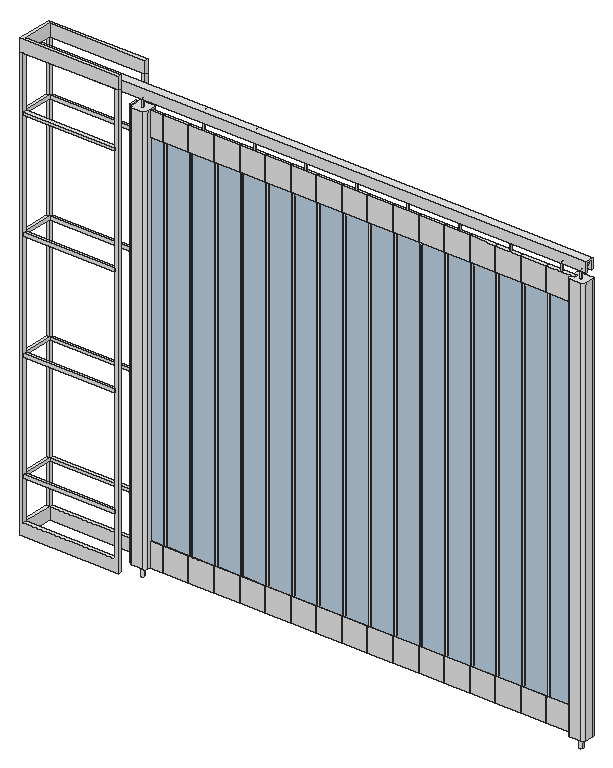
Revit family "Side_Folding_Door_9200-CHI-EZ_Prestige", category Specialty Equipment, Revit 2023
Family settings
  Round Connector Dimension = Use Diameter
  Part Type = Normal
  OmniClass Number = 23.30.10.21
  OmniClass Title = Special Function Doors
  Work Plane-Based = No
  Enable Cutting in Views = No
  Always vertical = Yes
  Cut with Voids When Loaded = No
  Maintain Annotation Orientation = No
  Shared = No
  Room Calculation Point = No
Parameters (values of type "EZ - Prestige")
  Warranty URL = ""
  Version = "2021-v1.a"  # constant formula
  URL = "https://www.chiohd.com/"
  Support Phone = "(224) 699-9545"  # constant formula
  Support Email = "mailito:support@bimsmith.com"
  Product Page URL = "Contact Manufacturer for More Information"
  Product Documentation Link = "Contact Manufacturer for More Information"
  Pocket Length Disclaimer [instance] = "Contact Manufacturer for Pocket Dimensions"  # constant formula
  Pocket Frame Vis [instance] = yes
  Opening Width [instance] = if(C Condition A, C First Panel Width + 0' 3" + C Panel Width / 2, if(C Condition B, C Section Width + C Post Width + 0' 3" + C Panel Width / 2, if(C Condition C, 0' 3" + C Panel Width / 2 + C Section Width + C Post Width + C End Panel Width, if(C Condition D, C Section Width * 2 + C Post Width * 2 + 0' 3" + C Panel Width / 2, if(C Condition E, 0' 3" + C Panel Width / 2 + C Section Width * C Real Post Count + C Post Width * C Real Post Count + C End Panel Width, 4' 0")))))  # 6' - 3 7/8"
  C Single Section [instance] = or(C Condition A, C Condition B, C Condition C)  # yes
  C Single Post [instance] = or(C Condition B, C Condition C)  # yes
  C Section Width [instance] = if(Floor, rounddown(10' 0" / C Panel Width) * C Panel Width, rounddown(6' 0" / C Panel Width) * C Panel Width)  # 5' - 8"
  C Real Section Width [instance] = C Prelim Opening Width - 0' 3" - C Panel Width / 2  # 5' - 9 7/8"
  C Real Post Count [instance] = if(C Post Count < 2, 2, C Post Count)  # 2
  C Prelim Opening Width [instance] = if(Desired Opening Width < C Min Width, C Min Width, if(Desired Opening Width > C Max Width, C Max Width, Desired Opening Width))  # 6' - 3"
  Opening Speed [instance] = ""
  Model = "EZ - Prestige"  # constant formula
  Manufacturer Phone Number = "800-738-5006"  # constant formula
  Manufacturer Fax Number = "800-677-2650"  # constant formula
  Manufacturer Email = "mailto:aia@chiohd.com"
  Manufacturer Address = "1485 Sunrise Drive, Arthur, IL 61911"  # constant formula
  Manufacturer = "C.H.I. Overhead Doors"  # constant formula
  Keynote = "08330"
  Glass = Glass - C.H.I Overhead Doors - Frosted
  Frame = Metal - Powder Coat - C.H.I Overhead Doors - White
  Floor = not(Counter)  # no
  Door Size Limits [instance] = "Min Size 6' x 6' │ Max Size 10' x 10'"  # constant formula
  Desired Opening Width [instance] = 6' - 3"
  Desired Opening Height [instance] = 6' - 0"
  Description = "Side-Folding Grille"  # constant formula
  Default Elevation = 0' - 0"
  Counter = yes
  Copyright = "©2024 C.H.I. Overhead Doors - a NUCOR® company All information presented is based on the specifications and features available at the time of printing and is subject to change without notice."  # constant formula
  Closing Speed [instance] = ""
  Opening Height [instance] = if(Desired Opening Height < C Min Height, C Min Height, if(Desired Opening Height > C Max Height, C Max Height, Desired Opening Height))  # 6' - 0"
  Constraints = 1
  C Track Width = 0' - 1 3/8"  # constant formula
  C Track Thickness = 0' - 0 1/8"  # constant formula
  C Track Height = 0' - 1 5/8"  # constant formula
  C Track Extension [instance] = if(Pocket Frame Vis, C Pocket Length - 0' 0 1/2", 0' 0")  # 1' - 3 7/8"
  C Top Gap = 0' - 1 1/2"  # constant formula
  C Post Width [instance] = 0' - 2 3/4"  # constant formula
  C Post Count [instance] = rounddown(C Real Section Width / (C Section Width + C Post Width))  # 0
  C Pocket Width = 0' - 5"  # constant formula
  C Pocket Length Preview [instance] = 0' 3" + 0.1 * Opening Width  # 0' - 10.5875"
  C Pocket Length [instance] = 0' 4 5/8" + (if(C Pocket Length Preview < 0' 11 3/4", 0' 11 3/4", if(C Pocket Length Preview < 1' 4 1/4", 1' 4 1/4", if(C Pocket Length Preview < 1' 8 3/4", 1' 8 3/4", if(C Pocket Length Preview < 2' 1 3/4", 2' 1 3/4", if(C Pocket Length Preview < 2' 7 3/4", 2' 7 3/4", if(C Pocket Length Preview < 3' 0 3/4", 3' 0 3/4", if(C Pocket Length Preview < 3' 3 3/4", 3' 3 3/4", if(C Pocket Length Preview < 3' 6 3/4", 3' 6 3/4", if(C Pocket Length Preview < 4' 0 3/4", 4' 0 3/4", if(C Pocket Length Preview < 4' 3 3/4", 4' 3 3/4", if(C Pocket Length Preview < 4' 6 3/4", 4' 6 3/4", if(C Pocket Length Preview < 4' 10 3/4", 4' 10 3/4", if(C Pocket Length Preview < 5' 0 3/4", 5' 0 3/4", if(C Pocket Length Preview < 5' 4 3/4", 5' 4 3/4", if(C Pocket Length Preview < 5' 8 3/4", 5' 8 3/4", if(C Pocket Length Preview < 6' 0 3/4", 6' 0 3/4", 0' 11 3/4")))))))))))))))))  # 1' - 4 3/8"
  C Panel Width = 0' - 4 1/4"  # constant formula
  C Panel Height [instance] = Opening Height - C Bottom Offset - C Track Height - C Top Gap  # 5' - 8 1/8"
  C Multiple Section [instance] = or(C Condition D, C Condition E)  # no
  C Multiple Post [instance] = or(C Condition D, C Condition E)  # no
  C Min Width = C Panel Width * 3 + 0' 3" + C Panel Width / 2  # 1' - 5 7/8"
  C Min Height = 4' - 0"  # constant formula
  C Max Width = 25' - 0"  # constant formula
  C Max Height = 14' - 0"  # constant formula
  C Half Panel [instance] = C Panel Width / 2  # 0' - 2 1/8"
  C First Panel Width [instance] = if(C Condition A, rounddown((C Prelim Opening Width - 0' 3" - C Panel Width / 2) / C Panel Width) * C Panel Width, rounddown((C Section Width) / C Panel Width) * C Panel Width)  # 5' - 8"
  C End Panel Width Real [instance] = if(C End Panel Width < 0' 0", 0' 0", C End Panel Width)  # 0' - 0"
  C End Panel Width [instance] = if(rounddown((C Real Section Width - C Section Width - C Post Width) / C Panel Width) * C Panel Width = 0' 0", C Panel Width, if(C Multiple Section, rounddown((C Real Section Width - C Section Width * C Real Post Count - C Post Width * C Real Post Count) / C Panel Width) * C Panel Width, rounddown((C Real Section Width - C Section Width - C Post Width) / C Panel Width) * C Panel Width))  # -0' - 4 1/4"
  C End Panel [instance] = or(C Condition C, C Condition E)  # no
  C Condition E [instance] = or(C Real Section Width = C Section Width * 2 + C Post Width * 2 + C Panel Width, C Real Section Width > C Section Width * 2 + C Post Width * 2 + C Panel Width)  # no
  C Condition D [instance] = or(C Real Section Width = C Section Width * 2 + C Post Width * 2, and(C Real Section Width > C Section Width * 2 + C Post Width * 2, C Real Section Width < C Section Width * 2 + C Post Width * 2 + C Panel Width))  # no
  C Condition C [instance] = or(C Real Section Width = C Section Width * 2 + C Post Width, and(C Real Section Width > C Section Width + C Post Width, C Real Section Width < C Section Width * 2 + C Post Width))  # no
  C Condition B [instance] = or(C Real Section Width = C Section Width + C Post Width, and(C Real Section Width > C Section Width, C Real Section Width < C Section Width + C Post Width))  # yes
  C Condition A [instance] = or(C Real Section Width = C Section Width, C Real Section Width < C Section Width)  # no
  C Bottom Offset = if(Floor, 0' 1 1/4", 0' 0 3/4")  # 0' - 0 3/4"
  Assembly Code = "B2030420"
Reference planes (in)
  plane 1 "Center (Front/Back)": y = 0
  plane 2: z = 0
  plane 3 "Center (Left/Right)": x = 0
  plane 4: z = 72
  plane 5: x = 75.875
  plane 6: z = 0.75
  plane 7: z = 70.375
  plane 8: z = 68.875
  plane 9: x = 5.125
  plane 10: x = -15.875
  plane 11: x = 73.125
  plane 12: x = 75.875
  plane 13: x = 143.875
  plane 14: x = 3
Forms (in)
  Sweep 1, solid, material "Metal - Powder Coat - C.H.I Overhead Doors - White" <- "Frame"
    path origin (0, 0, 0) x (1, 0, 0) y (0, 0, 1)
      loop
        line (-15.875, 72) -> (75.875, 72)
    profile origin (30, 0, 72) x (0, 0, 1) y (0, -1, 0)
      loop
        line (0, -0.6875) -> (0, 0.6875) -> (-1.625, 0.6875) -> (-1.625, 0.5625) -> (-0.125, 0.5625) -> (-0.125, -0.5625) -> (-1.625, -0.5625) -> (-1.625, -0.6875) -> (0, -0.6875)
Dimensions and locks (in)
  "Opening Width": plane 3 "Center (Left/Right)" to plane 5
  "Opening Height": plane 4 to level
  "C Bottom Offset": plane 6 to level
  "C Track Height": plane 4 to plane 7
  "C Top Gap": plane 7 to plane 8
  equal spacing: Sweep 1 sketch curve, profile plane, Sweep 1 sketch curve
  "C Track Width": Sweep 1 sketch curve to Sweep 1 sketch curve
  "C Track Thickness": Sweep 1 sketch curve to profile plane
  "C Track Thickness": Sweep 1 sketch curve to Sweep 1 sketch curve  (x2)
  "C Track Extension": plane 10 to plane 3 "Center (Left/Right)"
  "C First Panel Width": plane 11 to plane 9
  "C Post Width": plane 12 to plane 11
  group 1 to group 2 = 5' - 10 3/4"
  group 1 to group 2 = 0' - 0"  (x2)
  "C Section Width": plane 13 to plane 12
  group 3 to group 4 = 5' - 10 3/4"
  group 3 to group 4 = 0' - 0"  (x2)
  locked: plane 14 to plane 3 "Center (Left/Right)" at 3
  "C Half Panel": plane 9 to plane 14
  aligned and locked: plane 2 to level
  aligned and locked: Sweep 1 sketch curve to profile plane
  aligned and locked: Sweep 1 sketch curve to plane 7
  aligned and locked: nested 1 to plane 6
  aligned and locked: plane 1 "Center (Front/Back)" to nested 1
  aligned and locked: plane 3 "Center (Left/Right)" to nested 1
  aligned and locked: plane 5 to Sweep 1 sketch curve
  aligned and locked: plane 3 "Center (Left/Right)" to nested 2
  aligned and locked: plane 10 to Sweep 1 sketch curve
  aligned and locked: plane 8 to nested 3
  aligned and locked: plane 9 to nested 3
  aligned and locked: plane 1 "Center (Front/Back)" to nested 3
  aligned and locked: plane 1 "Center (Front/Back)" to nested 4
  aligned and locked: plane 11 to nested 4
  aligned and locked: nested 4 to plane 8
  aligned and locked: nested 5 to plane 8
  aligned and locked: plane 9 to nested 6
  aligned and locked: plane 12 to nested 7
  aligned and locked: plane 11 to nested 8
  aligned and locked: plane 13 to nested 9
  aligned and locked: plane 5 to nested 5
Automatic sketch dimensions
  Sweep 1 sketch curve to plane 4 = 0' - 0"
  Sweep 1 sketch curve to Sweep 1 sketch curve = 0' - 0"
Nested families (in)
  nested 1: "Nested - End Panel" at (0, 0, 0.75), type "Default"
    with Supports Count 4, Panel Height 5' - 8 1/8", Horizontal Frame Offset 0' - 11 9/16", Extra Panel Width 0' - 2 3/8"
  nested 2: "Nested - Pocket" at (-16.375, 0, 0), visible <- "Pocket Frame Vis", type "Default"
    with T&B Offset 0' - 9", Pocket Length 1' - 4 3/8", Overall Height 6' - 0"
  nested 3: "Nested - Section" at (5.125, 0, 0.75), Desired Complete Section <- "C First Panel Width", visible <- "C Single Section", type "Default"
    with Single Panel B End Rod no, Single D Panel no, Single C Panel no, Single B Panel no, Single A Panel End Rod no, Single A Panel no, Multiple Panel Last Section yes, Multiple B Panel yes, Multiple A Panel yes, First to Last Panel 5' - 3 3/4", End Panel Supports yes, End Panel Bottom no, Desired Complete Section 5' - 8", Complete Section 5' - 8", B Array Real 7, B Array 8, A Array Real 8, A Array 8
  nested 4: "Nested - Post" at (72.875, 0, 0.75), visible <- "C Single Post", type "Default"
  nested 5: "Nested - Section" at (75.875, 0, 0.75), visible <- "C End Panel", Desired Complete Section <- "C End Panel Width", type "Default"
    with Single Panel B End Rod no, Single D Panel no, Single C Panel no, Single B Panel no, Single A Panel End Rod yes, Single A Panel yes, Multiple Panel Last Section no, Multiple B Panel no, Multiple A Panel no, First to Last Panel 1' - 5", End Panel Supports no, End Panel Bottom yes, Desired Complete Section -0' - 4 1/4", Complete Section 0' - 0", B Array Real 2, B Array 2, A Array Real 2, A Array 2
  nested 6: "Nested - Section" at (5.125, 0, 0.75), Desired Complete Section <- "C Section Width", visible <- "C Multiple Section", type "Default"
    with Single Panel B End Rod no, Single D Panel no, Single C Panel no, Single B Panel no, Single A Panel End Rod no, Single A Panel no, Multiple Panel Last Section yes, Multiple B Panel yes, Multiple A Panel yes, First to Last Panel 5' - 3 3/4", End Panel Supports yes, End Panel Bottom no, Desired Complete Section 5' - 8", Complete Section 5' - 8", B Array Real 7, B Array 8, A Array Real 8, A Array 8
  nested 7: "Nested - Section" at (75.875, 0, 0.75), Desired Complete Section <- "C Section Width", visible <- "C Multiple Section", type "Default"
    with Single Panel B End Rod no, Single D Panel no, Single C Panel no, Single B Panel no, Single A Panel End Rod no, Single A Panel no, Multiple Panel Last Section yes, Multiple B Panel yes, Multiple A Panel yes, First to Last Panel 5' - 3 3/4", End Panel Supports yes, End Panel Bottom no, Desired Complete Section 5' - 8", Complete Section 5' - 8", B Array Real 7, B Array 8, A Array Real 8, A Array 8
  nested 8: "Nested - Post" at (72.875, 0, 0.75), visible <- "C Multiple Post", type "Default"
  nested 9: "Nested - Post" at (143.625, 0, 0.75), visible <- "C Multiple Post", type "Default"
Definition of nested family "Nested - End Panel"
  Parameters (values of type "Family1")
    Top Gap = 0' - 1 1/2"
    Supports Separation = 1' - 3"  # constant formula
    Supports Count = (Panel Height - 0' 4") / Supports Separation  # 3
    Side Frame Thickness = 0' - 0 1/2"  # constant formula
    Panel Frame Height = 0' - 4"  # constant formula
    Main Frame Thickness = 0' - 2 5/16"  # constant formula
    Panel Width = 0' - 7"  # constant formula
    Panel Height = 4' - 8 1/8"
    Horizontal Frame Offset = (Panel Height - (Supports Separation * (Supports Count - 1))) / 2  # 1' - 1 1/16"
    Glass Thickness = 0' - 0 1/4"  # constant formula
    Glass = none
    Frame = none
    Floor = not(Counter)  # no
    Extra Panel Width = 0' - 2 1/8"
    Default Elevation = 0' - 0"
    Counter = yes
    Bottom Support Width = if(Floor, 0' 0 3/4", 0' 0 5/8")  # 0' - 0 5/8"
    Bottom Support Height = if(Floor, 0' 2 5/8", 0' 1")  # 0' - 1"
    Bottom Gap = 0' - 0 3/4"
  Reference planes (in)
    plane 1 "Center (Front/Back)": y = 0
    plane 2: z = 0
    plane 3 "Center (Left/Right)": x = 0
    plane 4: z = 56.125
    plane 5: x = 0.25
    plane 6: y = 1.15625
    plane 7: y = -1.15625
    plane 8: x = 3
    plane 9: x = 5.125
    plane 10: x = 4.625
    plane 11: z = 13.0625
    plane 12: y = 0.25
    plane 13: y = -0.25
    plane 14: y = 0.125
    plane 15: y = -0.125
    plane 16: z = 57.625
    plane 17: z = -0.75
    plane 18: z = -1.75
    plane 19: z = 59.125
    plane 20: z = 58.375
    plane 21: x = 1.625
    plane 22: x = 1.3125
    plane 23: x = 1.9375
    plane 24: z = 4
    plane 25: z = 52.125
    plane 26: z = 28.0625
    plane 27: x = 4.875
  Forms (in)
    Extrusion 1, solid, material <- "Frame"
      sketch origin (0, 0, 0) x (1, 0, 0) y (0, 1, 0)
        loop
          line (0.25, 0.67704) -> (0, 0.67704) -> (0, -0.67704) -> (0.25, -0.67704) -> (0.25, 0.67704)
      from 0 to 56.125
    Extrusion 2, solid, material <- "Frame"
      sketch origin (0, 0, 0) x (1, 0, 0) y (0, 1, 0)
        loop
          arc (0.73462, 1.15625) -> (0.39194, 1.01431) -> (0.25, 0.67163) r 0.48462
          line (0.25, 0.67163) -> (0.25, -0.67188)
          arc (0.25, -0.67188) -> (0.39187, -1.01438) -> (0.73438, -1.15625) r 0.48438
          line (0.73438, -1.15625) -> (2.51563, -1.15625)
          arc (2.51563, -1.15625) -> (2.85813, -1.01438) -> (3, -0.67188) r 0.48438
          line (3, -0.67188) -> (3, 0.67187)
          arc (3, 0.67187) -> (2.85813, 1.01438) -> (2.51563, 1.15625) r 0.48438
          line (2.51563, 1.15625) -> (0.73462, 1.15625)
      from 0 to 56.125
    Revolve 3, solid, material <- "Frame"
      sketch origin (-1.875, 0, 0) x (1, 0, 0) y (0, 0, 1)
        loop
          line (3.5, 59.12277) -> (3.5, 56.125) -> (3.625, 56.125) -> (3.625, 59.12277) -> (3.5, 59.12277)
        axis (3.5, 59.12277) -> (3.5, 56.125)
      angle from 0 to 360
    Extrusion 4, solid, material <- "Frame"
      sketch origin (-1.875, 0, 0) x (1, 0, 0) y (0, 0, 1)
        loop
          circle (3.5, 58.375) r 0.75
      from 0.5625 to 0.25
    Extrusion 5, solid, material <- "Frame"
      sketch origin (-1.875, 0, 0) x (1, 0, 0) y (0, 0, -1)
        loop
          circle (3.5, -58.375) r 0.75
      from 0.5625 to 0.25
    Extrusion 6, solid, material <- "Frame"
      sketch origin (-1.875, 0, 0) x (1, 0, 0) y (0, 0, 1)
        loop
          circle (3.5, 58.375) r 0.44182
      from -0.25 to 0.25
    Revolve 7, solid, material <- "Frame"
      sketch origin (-1.875, 0, 0) x (1, 0, 0) y (0, 0, 1)
        loop
          line (3.5, 0) -> (3.5, -1.75) -> (3.8125, -1.75) -> (3.8125, -0.75) -> (3.65321, -0.75) -> (3.65321, 0) -> (3.5, 0)
        axis (3.5, 0) -> (3.5, -1.75)
      angle from 0 to 360
    Extrusion 8, solid, material <- "Frame"
      sketch origin (0, 0, 0) x (0, 1, 0) y (0, 0, 1)
        loop
          line (0.25, 56.125) -> (-0.25, 56.125) -> (-0.25, 52.125) -> (0.25, 52.125) -> (0.25, 56.125)
        loop
          line (-0.25, 0) -> (0.25, 0) -> (0.25, 4) -> (-0.25, 4) -> (-0.25, 0)
      from 3 to 4.875
    Extrusion 9, solid, material <- "Glass"
      sketch origin (0, 0, 0) x (1, 0, 0) y (0, 1, 0)
        loop
          arc (4.96988, -0.125) -> (4.92578, 0) -> (4.96988, 0.125) r 0.19922
          line (4.96988, 0.125) -> (3, 0.125) -> (3, -0.125) -> (4.96988, -0.125)
      from 4 to 52.125
  Dimensions and locks (in)
    "Panel Height": plane 4 to level
    equal spacing: plane 6, plane 1 "Center (Front/Back)", plane 7
    "Main Frame Thickness": plane 6 to plane 7
    "Extra Panel Width": plane 8 to plane 9
    "Side Frame Thickness": plane 10 to plane 9
    "Horizontal Frame Offset": plane 11 to level
    equal spacing: plane 12, plane 1 "Center (Front/Back)", plane 13
    "Side Frame Thickness": plane 13 to plane 12
    equal spacing: plane 15, plane 1 "Center (Front/Back)", plane 14
    "Glass Thickness": plane 15 to plane 14
    "Bottom Gap": level to plane 17
    "Top Gap": plane 16 to plane 4
    "Bottom Support Height": plane 17 to plane 18
    locked: plane 19 to plane 16 at 1.5
    equal spacing: plane 19, plane 20, plane 16
    equal spacing: plane 8, plane 21, plane 5
    plane 23 to plane 22 = 0' - 0 5/8"  (x2)
    "Bottom Support Width": plane 23 to plane 22
    equal spacing: plane 23, plane 21, plane 22
    "Panel Frame Height": plane 24 to level
    "Panel Frame Height": plane 4 to plane 25
    "Supports Separation": plane 26 to plane 11
    equal spacing: plane 9, plane 27, plane 10
    aligned and locked: plane 2 to level
    aligned and locked: Extrusion 2 sketch curve to plane 6
    aligned and locked: plane 5 to Extrusion 2 sketch curve
    aligned and locked: plane 7 to Extrusion 2 sketch curve
    aligned and locked: Extrusion 2 sketch curve to plane 8
    aligned and locked: plane 4 to Extrusion 2
    aligned and locked: Extrusion 2 to level
    aligned and locked: plane 4 to Extrusion 1
    aligned and locked: Revolve 3 sketch curve to plane 21
    aligned and locked: plane 20 to Extrusion 6 sketch curve
    aligned and locked: plane 21 to Extrusion 6 sketch curve
    aligned and locked: plane 20 to Extrusion 4 sketch curve
    aligned and locked: plane 21 to Extrusion 4 sketch curve
    aligned and locked: plane 20 to Extrusion 5 sketch curve
    aligned and locked: plane 21 to Extrusion 5 sketch curve
    aligned and locked: plane 23 to Revolve 7 sketch curve
    aligned and locked: Revolve 7 sketch curve to plane 21
    aligned and locked: plane 2 to Revolve 7 sketch curve
    aligned and locked: plane 18 to Revolve 7 sketch curve
    aligned and locked: Revolve 7 sketch curve to plane 17
    aligned and locked: plane 4 to Extrusion 8 sketch curve
    aligned and locked: Extrusion 8 sketch curve to plane 12  (x2)
    aligned and locked: Extrusion 8 sketch curve to plane 25
    aligned and locked: Extrusion 8 sketch curve to plane 13  (x2)
    aligned and locked: Extrusion 8 sketch curve to level
    aligned and locked: Extrusion 8 sketch curve to plane 24
    aligned and locked: Extrusion 8 to plane 8
    aligned and locked: plane 27 to Extrusion 8
    aligned and locked: Extrusion 9 sketch curve to plane 15
    aligned and locked: Extrusion 9 sketch curve to plane 14
    aligned and locked: Extrusion 9 sketch curve to plane 8
    aligned and locked: plane 9 to Extrusion 9 sketch curve
    aligned and locked: plane 24 to Extrusion 9
    aligned and locked: plane 25 to Extrusion 9
  Automatic sketch dimensions
    Extrusion 1 sketch curve to plane 3 "Center (Left/Right)" = 0' - 0"
    Extrusion 1 sketch curve to plane 5 = 0' - 0"
    Extrusion 1 sketch curve to plane 6 = 0' - 0.47921"
    plane 7 to Extrusion 1 sketch curve = 0' - 0.47921"
    plane 5 to Extrusion 2 sketch curve = 0' - 0 31/64"
    Extrusion 2 sketch curve to Extrusion 2 sketch curve = 0' - 0.48462"
    Extrusion 2 sketch curve to plane 8 = 0' - 0 31/64"  (x2)
    Revolve 3 sketch curve to plane 21 = 0' - 0"
    Revolve 3 sketch curve to plane 4 = 0' - 0"
    plane 19 to Revolve 3 sketch curve = 0' - 0.00223"
    plane 21 to Revolve 3 sketch curve = 0' - 0 1/8"
    Revolve 3 sketch curve to plane 4 = 0' - 1.33257"
    Revolve 3 sketch curve to plane 19 = 0' - 0.11711"
    plane 1 "Center (Front/Back)" to Extrusion 9 sketch curve = 0' - 0"
    plane 27 to Extrusion 9 sketch curve = 0' - 0.09488"
    Revolve 7 sketch curve to plane 21 = 0' - 0"
    plane 21 to Revolve 7 sketch curve = 0' - 0.15321"
    Revolve 7 sketch curve to plane 18 = 0' - 3.32416"
    level to Revolve 7 sketch curve = 0' - 0.85112"
    radius of Extrusion 4 sketch curve = 0' - 0 3/4"
    radius of Extrusion 5 sketch curve = 0' - 0 3/4"
    radius of Extrusion 6 sketch curve = 0' - 0.44182"
Definition of nested family "Nested - Pocket"
  Parameters (values of type "Family2")
    T&B Offset = (Overall Height / 4) / 2  # 0' - 7 1/2"
    Side Thickness = 0' - 4"  # constant formula
    Pocket Width = 0' - 5"
    Pocket Length = 0' - 11 3/4"
    Plywood Thickness = 0' - 0 1/2"  # constant formula
    Plywood = none
    Overall Height = 5' - 0"
    Mid Profile Thickness = 0' - 0 1/4"  # constant formula
    Gypsum Thickness = 0' - 0 5/8"  # constant formula
    Gypsum = none
    Default Elevation = 0' - 0"
    Bottom Profile Height = 0' - 2"  # constant formula
  Reference planes (in)
    plane 1 "Center (Front/Back)": y = 0
    plane 2: z = 0
    plane 3 "Center (Left/Right)": x = 0
    plane 4: y = -2.5
    plane 5: y = 2.5
    plane 6: y = 3
    plane 7: y = -3
    plane 8: x = 0.5
    plane 9: x = 11.75
    plane 10: x = 11.125
    plane 11: z = 60
    plane 12: z = 7.5
    plane 13: z = 52.5
    plane 14: z = 22.5
    plane 15: z = 37.5
    plane 16: z = 52.25
    plane 17: z = 52.75
    plane 18: z = 37.75
    plane 19: z = 37.25
    plane 20: z = 22.75
    plane 21: z = 22.25
    plane 22: z = 7.75
    plane 23: z = 7.25
    plane 24: z = 2
    plane 25: z = 62
  Forms (in)
    Extrusion 1, solid, material <- "Plywood"
      sketch origin (0, 0, 0) x (1, 0, 0) y (0, 1, 0)
        loop
          line (0.5, 2.5) -> (0.5, 3) -> (0, 3) -> (0, 2.5) -> (0.5, 2.5)
        loop
          line (0.5, -3) -> (0.5, -2.5) -> (0, -2.5) -> (0, -3) -> (0.5, -3)
        loop
          line (11.75, 3) -> (11.125, 3) -> (11.125, 2.5) -> (11.75, 2.5) -> (11.75, 3)
        loop
          line (11.75, -3) -> (11.75, -2.5) -> (11.125, -2.5) -> (11.125, -3) -> (11.75, -3)
      from 0 to 60
    Extrusion 2, solid, material <- "Plywood"
      sketch origin (0, 0, 0) x (1, 0, 0) y (0, 0, 1)
        loop
          line (0.5, 7.75) -> (0, 7.75) -> (0, 7.25) -> (0.5, 7.25) -> (0.5, 7.75)
        loop
          line (0.5, 22.25) -> (0.5, 22.75) -> (0, 22.75) -> (0, 22.25) -> (0.5, 22.25)
        loop
          line (0.5, 37.25) -> (0.5, 37.75) -> (0, 37.75) -> (0, 37.25) -> (0.5, 37.25)
        loop
          line (0.5, 52.25) -> (0.5, 52.75) -> (0, 52.75) -> (0, 52.25) -> (0.5, 52.25)
      from -2.5 to 2.5
    Extrusion 3, solid, material <- "Plywood"
      sketch origin (0, 0, 0) x (0, 1, 0) y (0, 0, 1)
        loop
          line (2.5, 52.75) -> (2.5, 52.25) -> (3, 52.25) -> (3, 52.75) -> (2.5, 52.75)
        loop
          line (-3, 52.25) -> (-2.5, 52.25) -> (-2.5, 52.75) -> (-3, 52.75) -> (-3, 52.25)
        loop
          line (2.5, 37.25) -> (3, 37.25) -> (3, 37.75) -> (2.5, 37.75) -> (2.5, 37.25)
        loop
          line (-3, 37.25) -> (-2.5, 37.25) -> (-2.5, 37.75) -> (-3, 37.75) -> (-3, 37.25)
        loop
          line (-3, 22.25) -> (-2.5, 22.25) -> (-2.5, 22.75) -> (-3, 22.75) -> (-3, 22.25)
        loop
          line (2.5, 22.25) -> (3, 22.25) -> (3, 22.75) -> (2.5, 22.75) -> (2.5, 22.25)
        loop
          line (-3, 7.25) -> (-2.5, 7.25) -> (-2.5, 7.75) -> (-3, 7.75) -> (-3, 7.25)
        loop
          line (2.5, 7.25) -> (3, 7.25) -> (3, 7.75) -> (2.5, 7.75) -> (2.5, 7.25)
      from 0.5 to 11.125
    Extrusion 4, solid, material <- "Plywood"
      sketch origin (0, 0, 0) x (1, 0, 0) y (0, 1, 0)
        loop
          line (0, 3) -> (0, -3) -> (11.75, -3) -> (11.75, -2.5) -> (0.5, -2.5) -> (0.5, 2.5) -> (11.75, 2.5) -> (11.75, 3) -> (0, 3)
      from 0 to 2
    Extrusion 5, solid, material <- "Plywood"
      sketch origin (0, 0, 0) x (1, 0, 0) y (0, 1, 0)
        loop
          line (0, 3) -> (0, -3) -> (11.75, -3) -> (11.75, -2.5) -> (0.5, -2.5) -> (0.5, 2.5) -> (11.75, 2.5) -> (11.75, 3) -> (0, 3)
      from 60 to 62
  Cuts and joins
    joined: Extrusion 1, Extrusion 4
  Dimensions and locks (in)
    equal spacing: plane 5, plane 1 "Center (Front/Back)", plane 4
    "Pocket Width": plane 5 to plane 4
    "Plywood Thickness": plane 6 to plane 5
    "Plywood Thickness": plane 4 to plane 7
    "Pocket Length": plane 3 "Center (Left/Right)" to plane 9
    "Gypsum Thickness": plane 10 to plane 9
    "Overall Height": plane 11 to plane 2
    "Plywood Thickness": plane 3 "Center (Left/Right)" to plane 8
    "T&B Offset": plane 12 to level
    "T&B Offset": plane 11 to plane 13
    equal spacing: plane 13, plane 15, plane 14, plane 12
    "Mid Profile Thickness": plane 17 to plane 13
    "Mid Profile Thickness": plane 13 to plane 16
    "Mid Profile Thickness": plane 18 to plane 15
    "Mid Profile Thickness": plane 15 to plane 19
    "Mid Profile Thickness": plane 20 to plane 14
    "Mid Profile Thickness": plane 14 to plane 21
    "Mid Profile Thickness": plane 22 to plane 12
    "Mid Profile Thickness": plane 12 to plane 23
    "Bottom Profile Height": plane 24 to level
    "Bottom Profile Height": plane 25 to plane 11
    plane 3 "Center (Left/Right)" to Extrusion 4 = 0' - 11 3/4"
    aligned and locked: plane 2 to level
    aligned and locked: plane 5 to Extrusion 1 sketch curve
    aligned and locked: Extrusion 1 sketch curve to plane 8  (x2)
    aligned and locked: Extrusion 1 sketch curve to plane 6
    aligned and locked: plane 3 "Center (Left/Right)" to Extrusion 1 sketch curve  (x2)
    aligned and locked: plane 7 to Extrusion 1 sketch curve  (x2)
    aligned and locked: Extrusion 1 sketch curve to plane 4  (x2)
    aligned and locked: plane 6 to Extrusion 1 sketch curve
    aligned and locked: plane 9 to Extrusion 1 sketch curve
    aligned and locked: Extrusion 1 sketch curve to plane 5
    aligned and locked: Extrusion 1 sketch curve to plane 10
    aligned and locked: Extrusion 1 sketch curve to plane 9
    aligned and locked: plane 10 to Extrusion 1 sketch curve
    aligned and locked: plane 22 to Extrusion 2 sketch curve
    aligned and locked: plane 8 to Extrusion 2 sketch curve
    aligned and locked: Extrusion 2 sketch curve to plane 23
    aligned and locked: Extrusion 2 sketch curve to plane 3 "Center (Left/Right)"
    aligned and locked: plane 21 to Extrusion 2 sketch curve
    aligned and locked: Extrusion 2 sketch curve to plane 8  (x3)
    aligned and locked: Extrusion 2 sketch curve to plane 20
    aligned and locked: plane 3 "Center (Left/Right)" to Extrusion 2 sketch curve  (x3)
    aligned and locked: plane 19 to Extrusion 2 sketch curve
    aligned and locked: Extrusion 2 sketch curve to plane 18
    aligned and locked: Extrusion 2 sketch curve to plane 16
    aligned and locked: Extrusion 2 sketch curve to plane 17
    aligned and locked: plane 5 to Extrusion 2
    aligned and locked: Extrusion 2 to plane 4
    aligned and locked: Extrusion 3 sketch curve to Extrusion 2  (x8)
    aligned and locked: Extrusion 2 to Extrusion 3 sketch curve  (x8)
    aligned and locked: Extrusion 3 sketch curve to plane 16
    aligned and locked: Extrusion 3 sketch curve to plane 6
    aligned and locked: plane 16 to Extrusion 3 sketch curve
    aligned and locked: Extrusion 3 sketch curve to plane 7  (x4)
    aligned and locked: plane 18 to Extrusion 3 sketch curve
    aligned and locked: plane 6 to Extrusion 3 sketch curve  (x3)
    aligned and locked: Extrusion 3 sketch curve to plane 19
    aligned and locked: Extrusion 3 sketch curve to plane 21
    aligned and locked: plane 20 to Extrusion 3 sketch curve
    aligned and locked: Extrusion 3 sketch curve to plane 23
    aligned and locked: plane 22 to Extrusion 3 sketch curve
    aligned and locked: Extrusion 3 to plane 8
    aligned and locked: plane 10 to Extrusion 3
    aligned and locked: plane 3 "Center (Left/Right)" to Extrusion 4 sketch curve
    aligned and locked: Extrusion 4 sketch curve to plane 8
    aligned and locked: plane 5 to Extrusion 4 sketch curve
    aligned and locked: Extrusion 4 sketch curve to plane 6
    aligned and locked: Extrusion 4 sketch curve to plane 4
    aligned and locked: plane 7 to Extrusion 4 sketch curve
    aligned and locked: Extrusion 4 sketch curve to plane 9  (x2)
    aligned and locked: Extrusion 4 to level
    aligned and locked: plane 24 to Extrusion 4
    aligned and locked: plane 25 to Extrusion 5
    aligned and locked: Extrusion 5 to Extrusion 1
    aligned and locked: Extrusion 5 to plane 11
  Automatic sketch dimensions
    Extrusion 2 sketch curve to plane 8 = 0' - 0"
    Extrusion 2 sketch curve to plane 3 "Center (Left/Right)" = 0' - 0"
    Extrusion 2 sketch curve to plane 17 = 0' - 0"
    Extrusion 5 sketch curve to plane 3 "Center (Left/Right)" = 0' - 0"
    Extrusion 5 sketch curve to plane 5 = 0' - 0"
    Extrusion 5 sketch curve to plane 8 = 0' - 0"
    Extrusion 5 sketch curve to plane 9 = 0' - 0"  (x2)
    Extrusion 5 sketch curve to plane 4 = 0' - 0"
    Extrusion 5 sketch curve to plane 7 = 0' - 0"
    Extrusion 5 sketch curve to plane 6 = 0' - 0"
Definition of nested family "Nested - Section"
  Parameters (values of type "Default")
    Top Gap = 0' - 1 1/2"
    Single Panel B End Rod [instance] = if(or(and(Complete Section > 2 * Panel Width, Complete Section < 3 * Panel Width), Complete Section = 2 * Panel Width), 1 = 1, 1 = 0)  # no
    Single D Panel [instance] = and(Complete Section > 3 * Panel Width, Complete Section < 5 * Panel Width)  # no
    Single C Panel [instance] = and(Complete Section > 2 * Panel Width, Complete Section < 4 * Panel Width)  # no
    Single B Panel [instance] = or(Complete Section = 2 * Panel Width, and(Complete Section > 2 * Panel Width, or(Complete Section = 4 * Panel Width, Complete Section < 4 * Panel Width)))  # no
    Single A Panel End Rod [instance] = if(or(and(not(Multiple A Panel), not(Multiple B Panel), not(Single B Panel)), and(Complete Section > Panel Width, Complete Section < 2 * Panel Width), Complete Section = Panel Width), 1 = 1, 1 = 0)  # yes
    Single A Panel [instance] = or(and(Complete Section > 3 * Panel Width, Complete Section < 4 * Panel Width), Complete Section < Panel Width, Complete Section = Panel Width, and(Complete Section > Panel Width, Complete Section < 3.1 * Panel Width))  # yes
    Panel Width = 0' - 4 1/4"
    Panel Height = 5' - 8 1/8"
    Multiple Panel Last Section [instance] = and(not(or(Single C Panel, Single D Panel)), or(Complete Section = 4 * Panel Width, Complete Section > 4 * Panel Width))  # no
    Multiple B Panel [instance] = or(Complete Section = 5 * Panel Width, Complete Section > 5 * Panel Width)  # no
    Multiple A Panel [instance] = or(Complete Section = 4 * Panel Width, Complete Section > 4 * Panel Width)  # no
    Glass = none
    Frame = none
    First to Last Panel [instance] = A Array Real * Panel Width + B Array Real * Panel Width  # 1' - 5"
    End Panel Supports [instance] = not(End Panel Bottom)  # no
    End Panel Bottom [instance] = if(Single B Panel, 1 = 0, if(A Array Real > B Array Real, 1 = 0, 1 = 1))  # yes
    Desired Complete Section [instance] = 0' - 0"
    Default Elevation = 0' - 0"
    Counter = yes
    Complete Section [instance] = if(Desired Complete Section < 0' 0", 0' 0", Desired Complete Section)  # 0' - 0"
    Bottom Gap = 0' - 0 3/4"
    B Array Real [instance] = if(A Array - 1 < 2, 2, if(A Array Real = B Array, A Array - 1, A Array Real))  # 2
    B Array [instance] = if(Complete Section < Panel Width * 4, 2, rounddown((Complete Section - Panel Width * A Array) / Panel Width))  # 2
    A Array Real [instance] = if(A Array - 1 < 2, 2, if(A Array = B Array, A Array, A Array - 1))  # 2
    A Array [instance] = if(Complete Section < Panel Width * 3, 2, ((Complete Section / 2) / Panel Width))  # 2
  Reference planes (in)
    plane 1 "Center (Front/Back)": y = 0
    plane 2: z = 0
    plane 3 "Center (Left/Right)": x = 0
    plane 4: x = 4.25
    plane 5: x = 0
    plane 6: x = 8.5
    plane 7: x = 12.75
    plane 8: x = 17
    plane 9: x = 17
  Dimensions and locks (in)
    "Panel Width": plane 4 to plane 3 "Center (Left/Right)"
    "Complete Section": plane 5 to plane 3 "Center (Left/Right)"
    "Panel Width": plane 4 to plane 6
    "Panel Width": plane 6 to plane 7
    "Panel Width": plane 7 to plane 8
    group 1 to group 2 = 0' - 8 1/2"
    group 1 to group 2 = 0' - 0"  (x2)
    group 3 to group 4 = 0' - 8 1/2"
    group 3 to group 4 = 0' - 0"  (x2)
    "First to Last Panel": plane 9 to plane 3 "Center (Left/Right)"
    aligned and locked: plane 2 to level
    aligned and locked: plane 1 "Center (Front/Back)" to nested 1
    aligned and locked: plane 1 "Center (Front/Back)" to nested 2
    aligned and locked: plane 1 "Center (Front/Back)" to nested 4
    aligned and locked: plane 3 "Center (Left/Right)" to nested 2
    aligned and locked: plane 3 "Center (Left/Right)" to nested 1
    aligned and locked: plane 4 to nested 4
    aligned and locked: plane 4 to nested 3
    aligned and locked: plane 6 to nested 8
    aligned and locked: plane 6 to nested 5
    aligned and locked: plane 7 to nested 6
    aligned and locked: plane 7 to nested 9
    aligned and locked: plane 9 to nested 7
  Nested families (in)
    nested 1: "Nested - Panel" at (0, 0, 0), visible <- "Multiple A Panel", type "Nested - Panel"
      with Supports no, Panel Frame Offset 0' - 0 1/2", End Rod no, Bottom yes, Supports Count 4, Panel Height 5' - 8 1/8", Horizontal Frame Offset 0' - 11 9/16"
    nested 2: "Nested - Panel" at (0, 0, 0), visible <- "Single A Panel", End Rod <- "Single A Panel End Rod", type "Nested - Panel"
      with Supports no, Panel Frame Offset 0' - 0", End Rod yes, Bottom yes, Supports Count 4, Panel Height 5' - 8 1/8", Horizontal Frame Offset 0' - 11 9/16"
    nested 3: "Nested - Panel" at (4.25, 0, 0), visible <- "Multiple B Panel", type "Nested - Panel"
      with Supports yes, Panel Frame Offset 0' - 0 1/2", End Rod no, Bottom no, Supports Count 4, Panel Height 5' - 8 1/8", Horizontal Frame Offset 0' - 11 9/16"
    nested 4: "Nested - Panel" at (4.25, 0, 0), visible <- "Single B Panel", End Rod <- "Single Panel B End Rod", type "Nested - Panel"
      with Supports yes, Panel Frame Offset 0' - 0 1/2", End Rod no, Bottom no, Supports Count 4, Panel Height 5' - 8 1/8", Horizontal Frame Offset 0' - 11 9/16"
    nested 5: "Nested - Panel" at (8.5, 0, 0), visible <- "Multiple A Panel", type "Nested - Panel"
      with Supports no, Panel Frame Offset 0' - 0 1/2", End Rod no, Bottom yes, Supports Count 4, Panel Height 5' - 8 1/8", Horizontal Frame Offset 0' - 11 9/16"
    nested 6: "Nested - Panel" at (12.75, 0, 0), visible <- "Multiple B Panel", type "Nested - Panel"
      with Supports yes, Panel Frame Offset 0' - 0 1/2", End Rod no, Bottom no, Supports Count 4, Panel Height 5' - 8 1/8", Horizontal Frame Offset 0' - 11 9/16"
    nested 7: "Nested - Panel" at (17, 0, 0), visible <- "Multiple Panel Last Section", Supports <- "End Panel Supports", Bottom <- "End Panel Bottom", type "Nested - Panel"
      with Supports no, Panel Frame Offset 0' - 0", End Rod yes, Bottom yes, Supports Count 4, Panel Height 5' - 8 1/8", Horizontal Frame Offset 0' - 11 9/16"
    nested 8: "Nested - Panel" at (8.5, 0, 0), visible <- "Single C Panel", type "Nested - Panel"
      with Supports no, Panel Frame Offset 0' - 0", End Rod yes, Bottom yes, Supports Count 4, Panel Height 5' - 8 1/8", Horizontal Frame Offset 0' - 11 9/16"
    nested 9: "Nested - Panel" at (12.75, 0, 0), visible <- "Single D Panel", type "Nested - Panel"
      with Supports yes, Panel Frame Offset 0' - 0", End Rod yes, Bottom yes, Supports Count 4, Panel Height 5' - 8 1/8", Horizontal Frame Offset 0' - 11 9/16"
  Definition of nested family "Nested - Panel"
    Parameters (values of type "Nested - Panel")
      Top Gap = 0' - 1 1/2"
      Supports Separation = 1' - 3"  # constant formula
      Supports Count = (Panel Height - 0' 4") / Supports Separation  # 3
      Supports [instance] = yes
      Side Profile Tubes = 0' - 0 51/128"  # constant formula
      Side Frame Thickness = 0' - 0 1/2"  # constant formula
      Panel Width = 0' - 4 1/4"
      Panel Height = 4' - 8 1/8"
      Panel Frame Offset [instance] = if(End Rod, 0' 0", Side Frame Thickness)  # 0' - 0"
      Panel Frame Height = 0' - 4"  # constant formula
      Horizontal Frame Offset = (Panel Height - (Supports Separation * (Supports Count - 1))) / 2  # 1' - 1 1/16"
      Glass Thickness = 0' - 0 1/4"  # constant formula
      Glass = none
      Frame = none
      Floor = not(Counter)  # no
      End Rod [instance] = yes
      Default Elevation = 0' - 0"
      Counter = yes
      Bottom Support Width = if(Floor, 0' 0 3/4", 0' 0 5/8")  # 0' - 0 5/8"
      Bottom Support Height = if(Floor, 0' 2 5/8", 0' 1")  # 0' - 1"
      Bottom Gap = 0' - 0 3/4"
      Bottom [instance] = yes
    Reference planes (in)
      plane 1 "Center (Front/Back)": y = 0
      plane 2: z = 0
      plane 3 "Center (Left/Right)": x = 0
      plane 4: x = 4.75
      plane 5: z = 56.125
      plane 6: x = 0.5
      plane 7: x = 4.25
      plane 8: y = 0.25
      plane 9: y = -0.25
      plane 10: y = 0.125
      plane 11: y = -0.125
      plane 12: z = 13.0625
      plane 13: z = -0.75
      plane 14: z = -1.75
      plane 15: x = 2.375
      plane 16: z = 57.625
      plane 17: z = 59.125
      plane 18: z = 58.375
      plane 19: x = 2.0625
      plane 20: x = 2.6875
      plane 21: x = 0.25
      plane 22: x = 4.5
      plane 23: z = 28.0625
      plane 24: z = 4
      plane 25: z = 52.125
      plane 26: x = 4.75
    Forms (in)
      Extrusion 1, solid, material <- "Frame"
        sketch origin (0, 0, 0) x (1, 0, 0) y (0, 1, 0)
          loop
            circle (0.25, 0) r 0.19922
        from 4 to 52.125
      Revolve 2, solid, material <- "Frame", not visible
        sketch origin (0, 0, 0) x (1, 0, 0) y (0, 0, 1)
          loop
            line (2.375, 0) -> (2.375, -1.75) -> (2.6875, -1.75) -> (2.6875, -0.75) -> (2.52821, -0.75) -> (2.52821, 0) -> (2.375, 0)
          axis (2.375, 0) -> (2.375, -1.75)
        angle from 0 to 360
      Revolve 3, solid, material <- "Frame", visible <- "Supports"
        sketch origin (0, 0, 0) x (1, 0, 0) y (0, 0, 1)
          loop
            line (2.375, 59.125) -> (2.375, 56.125) -> (2.5, 56.125) -> (2.5, 59.125) -> (2.375, 59.125)
          axis (2.375, 59.125) -> (2.375, 56.125)
        angle from 0 to 360
      Extrusion 4, solid, material <- "Frame", visible <- "Supports"
        sketch origin (0, 0, 0) x (1, 0, 0) y (0, 0, 1)
          loop
            circle (2.375, 58.375) r 0.75
        from 0.5625 to 0.25
      Extrusion 5, solid, material <- "Frame", visible <- "Supports"
        sketch origin (0, 0, 0) x (1, 0, 0) y (0, 0, -1)
          loop
            circle (2.375, -58.375) r 0.75
        from 0.5625 to 0.25
      Extrusion 6, solid, material <- "Frame", visible <- "Supports"
        sketch origin (0, 0, 0) x (1, 0, 0) y (0, 0, 1)
          loop
            circle (2.375, 58.375) r 0.44182
        from -0.25 to 0.25
      Extrusion 7, solid, material <- "Frame", visible <- "End Rod"
        sketch origin (0, 0, 0) x (1, 0, 0) y (0, 1, 0)
          loop
            circle (4.5, 0) r 0.19922
        from 4 to 52.125
      Extrusion 8, solid, material <- "Frame"
        sketch origin (0, 0, 0) x (0, 1, 0) y (0, 0, 1)
          loop
            line (0.25, 56.125) -> (-0.25, 56.125) -> (-0.25, 52.125) -> (0.25, 52.125) -> (0.25, 56.125)
          loop
            line (-0.25, 0) -> (0.25, 0) -> (0.25, 4) -> (-0.25, 4) -> (-0.25, 0)
        from 0 to 4.75
      Extrusion 9, solid, material <- "Glass"
        sketch origin (0, 0, 0) x (1, 0, 0) y (0, 1, 0)
          loop
            line (0.40512, -0.125) -> (4.34488, -0.125)
            arc (4.34488, -0.125) -> (4.30078, 0) -> (4.34488, 0.125) r 0.19922
            line (4.34488, 0.125) -> (0.40512, 0.125)
            arc (0.40512, 0.125) -> (0.44922, 0) -> (0.40512, -0.125) r 0.19922
        from 4 to 52.125
    Cuts and joins
      joined: Revolve 3, Extrusion 6
    Dimensions and locks (in)
      "Panel Height": plane 5 to level
      "Side Frame Thickness": plane 6 to plane 3 "Center (Left/Right)"
      "Side Frame Thickness": plane 4 to plane 7
      equal spacing: plane 8, plane 1 "Center (Front/Back)", plane 9
      "Side Frame Thickness": plane 8 to plane 9
      equal spacing: plane 10, plane 1 "Center (Front/Back)", plane 11
      "Glass Thickness": plane 10 to plane 11
      "Horizontal Frame Offset": plane 12 to level
      "Bottom Gap": level to plane 13
      "Bottom Support Height": plane 13 to plane 14
      equal spacing: plane 4, plane 15, plane 3 "Center (Left/Right)"
      "Top Gap": plane 16 to plane 5
      locked: plane 17 to plane 16 at 1.5
      equal spacing: plane 17, plane 18, plane 16
      equal spacing: plane 20, plane 15, plane 19
      "Bottom Support Width": plane 20 to plane 19
      equal spacing: plane 3 "Center (Left/Right)", plane 21, plane 6
      equal spacing: plane 7, plane 22, plane 4
      "Supports Separation": plane 23 to plane 12
      plane 21 to plane 15 to plane 22 = 0' - 2 1/8", 0' - 2 1/8"
      "Panel Width": plane 21 to plane 22
      locked: plane 3 "Center (Left/Right)" to plane 21 at 0.25
      plane 22 to plane 4 = 0' - 0 1/4"
      "Panel Frame Height": plane 24 to plane 2
      "Panel Frame Height": plane 5 to plane 25
      "Panel Frame Offset": plane 4 to plane 26
      "Side Profile Tubes": diameter of Extrusion 1 sketch curve
      "Side Profile Tubes": diameter of Extrusion 7 sketch curve
      aligned and locked: plane 2 to level
      aligned and locked: plane 13 to Revolve 2 sketch curve
      aligned and locked: plane 14 to Revolve 2 sketch curve
      aligned and locked: level to Revolve 2 sketch curve
      aligned and locked: plane 15 to Revolve 3 sketch curve
      aligned and locked: plane 5 to Revolve 3 sketch curve
      aligned and locked: plane 18 to Extrusion 4 sketch curve
      aligned and locked: plane 15 to Extrusion 4 sketch curve
      aligned and locked: plane 9 to Extrusion 4
      aligned and locked: plane 15 to Extrusion 5 sketch curve
      aligned and locked: plane 18 to Extrusion 5 sketch curve
      aligned and locked: plane 17 to Revolve 3 sketch curve
      aligned and locked: plane 18 to Extrusion 6 sketch curve
      aligned and locked: plane 15 to Extrusion 6 sketch curve
      aligned and locked: plane 8 to Extrusion 6
      aligned and locked: Extrusion 6 to plane 9
      aligned and locked: plane 20 to Revolve 2 sketch curve
      aligned and locked: plane 21 to Extrusion 1 sketch curve
      aligned and locked: plane 1 "Center (Front/Back)" to Extrusion 1 sketch curve
      aligned and locked: plane 22 to Extrusion 7 sketch curve
      aligned and locked: plane 1 "Center (Front/Back)" to Extrusion 7 sketch curve
      aligned and locked: plane 5 to Extrusion 8 sketch curve
      aligned and locked: plane 8 to Extrusion 8 sketch curve  (x2)
      aligned and locked: Extrusion 8 sketch curve to plane 9  (x2)
      aligned and locked: Extrusion 8 sketch curve to level
      aligned and locked: Extrusion 8 to plane 3 "Center (Left/Right)"
      aligned and locked: plane 25 to Extrusion 7
      aligned and locked: plane 24 to Extrusion 7
      aligned and locked: plane 25 to Extrusion 1
      aligned and locked: plane 24 to Extrusion 1
      aligned and locked: plane 26 to Extrusion 8
      aligned and locked: Extrusion 9 sketch curve to Extrusion 1
      aligned and locked: Extrusion 9 sketch curve to Extrusion 7
      aligned and locked: Extrusion 9 sketch curve to plane 10
      aligned and locked: Extrusion 9 sketch curve to plane 11
      aligned and locked: plane 24 to Extrusion 9
      aligned and locked: plane 25 to Extrusion 9
      aligned and locked: plane 25 to Extrusion 8 sketch curve
      aligned and locked: plane 24 to Extrusion 8 sketch curve
    Automatic sketch dimensions
      plane 15 to Revolve 3 sketch curve = 0' - 0"
      Revolve 3 sketch curve to plane 15 = 0' - 0 1/8"
      Revolve 3 sketch curve to plane 5 = 0' - 1.33257"
      Revolve 3 sketch curve to plane 17 = 0' - 0.11934"
      plane 15 to Revolve 2 sketch curve = 0' - 0"  (x2)
      Revolve 2 sketch curve to plane 15 = 0' - 0.15321"
      Revolve 2 sketch curve to plane 14 = 0' - 4.42018"
      plane 24 to Revolve 2 sketch curve = 0' - 0 3/4"
      radius of Extrusion 4 sketch curve = 0' - 0 3/4"
      radius of Extrusion 5 sketch curve = 0' - 0 3/4"
      radius of Extrusion 6 sketch curve = 0' - 0.44182"
Definition of nested family "Nested - Post"
  Parameters (values of type "Default")
    Top Gap = 0' - 1 1/2"
    Supports Separation = 1' - 0"  # constant formula
    Supports Count = ((Panel Height - Horizontal Frame Offset * 2) / Supports Separation) + 1  # 4
    Side Frame Thickness = 0' - 0 1/2"  # constant formula
    Panel Frame Height = 0' - 5 1/4"  # constant formula
    Main Frame Thickness = 0' - 2 5/16"  # constant formula
    Panel Width = 0' - 7"  # constant formula
    Panel Height = 5' - 8 1/8"
    Horizontal Frame Offset = 0' 11 7/8" + Panel Frame Height  # 1' - 5 1/8"
    Glass Thickness = 0' - 0 1/4"  # constant formula
    Frame = none
    Floor = not(Counter)  # no
    Extra Panel Width = 0' - 3"
    Default Elevation = 0' - 0"
    Counter = yes
    Bottom Support Width = if(Floor, 0' 0 3/4", 0' 0 5/8")  # 0' - 0 5/8"
    Bottom Support Height = if(Floor, 0' 2 5/8", 0' 1")  # 0' - 1"
    Bottom Gap = 0' - 0 3/4"
  Reference planes (in)
    plane 1 "Center (Front/Back)": y = 0
    plane 2: z = 0
    plane 3 "Center (Left/Right)": x = 0
    plane 4: z = 68.125
    plane 5: x = 0.25
    plane 6: y = 1.15625
    plane 7: y = -1.15625
    plane 8: x = 3
    plane 9: z = 17.125
    plane 10: y = 0.25
    plane 11: y = -0.25
    plane 12: y = 0.125
    plane 13: y = -0.125
    plane 14: z = 69.625
    plane 15: z = -0.75
    plane 16: z = -1.75
    plane 17: z = 71.125
    plane 18: z = 70.375
    plane 19: x = 1.625
    plane 20: x = 1.3125
    plane 21: x = 1.9375
    plane 22: z = 5.25
    plane 23: z = 29.125
  Forms (in)
    Extrusion 1, solid, material <- "Frame"
      sketch origin (0, 0, 0) x (1, 0, 0) y (0, 1, 0)
        loop
          arc (0.73462, 1.15625) -> (0.39194, 1.01431) -> (0.25, 0.67163) r 0.48462
          line (0.25, 0.67163) -> (0.25, -0.67188)
          arc (0.25, -0.67188) -> (0.39187, -1.01438) -> (0.73438, -1.15625) r 0.48438
          line (0.73438, -1.15625) -> (2.51563, -1.15625)
          arc (2.51563, -1.15625) -> (2.85813, -1.01438) -> (3, -0.67188) r 0.48438
          line (3, -0.67188) -> (3, 0.67187)
          arc (3, 0.67187) -> (2.85813, 1.01438) -> (2.51563, 1.15625) r 0.48438
          line (2.51563, 1.15625) -> (0.73462, 1.15625)
      from 0 to 68.125
    Revolve 2, solid, material <- "Frame"
      sketch origin (-1.875, 0, 0) x (1, 0, 0) y (0, 0, 1)
        loop
          line (3.5, 71.12277) -> (3.5, 68.125) -> (3.625, 68.125) -> (3.625, 71.12277) -> (3.5, 71.12277)
        axis (3.5, 71.12277) -> (3.5, 68.125)
      angle from 0 to 360
    Extrusion 3, solid, material <- "Frame"
      sketch origin (-1.875, 0, 0) x (1, 0, 0) y (0, 0, 1)
        loop
          circle (3.5, 70.375) r 0.75
      from 0.5625 to 0.25
    Extrusion 4, solid, material <- "Frame"
      sketch origin (-1.875, 0, 0) x (1, 0, 0) y (0, 0, -1)
        loop
          circle (3.5, -70.375) r 0.75
      from 0.5625 to 0.25
    Extrusion 5, solid, material <- "Frame"
      sketch origin (-1.875, 0, 0) x (1, 0, 0) y (0, 0, 1)
        loop
          circle (3.5, 70.375) r 0.44182
      from -0.25 to 0.25
    Revolve 6, solid, material <- "Frame"
      sketch origin (-1.875, 0, 0) x (1, 0, 0) y (0, 0, 1)
        loop
          line (3.5, 0) -> (3.5, -1.75) -> (3.8125, -1.75) -> (3.8125, -0.75) -> (3.65321, -0.75) -> (3.65321, 0) -> (3.5, 0)
        axis (3.5, 0) -> (3.5, -1.75)
      angle from 0 to 360
  Dimensions and locks (in)
    "Panel Height": plane 4 to level
    equal spacing: plane 6, plane 1 "Center (Front/Back)", plane 7
    "Main Frame Thickness": plane 6 to plane 7
    "Horizontal Frame Offset": plane 9 to level
    equal spacing: plane 10, plane 1 "Center (Front/Back)", plane 11
    "Side Frame Thickness": plane 11 to plane 10
    equal spacing: plane 13, plane 1 "Center (Front/Back)", plane 12
    "Glass Thickness": plane 13 to plane 12
    "Bottom Gap": level to plane 15
    "Top Gap": plane 14 to plane 4
    "Bottom Support Height": plane 15 to plane 16
    locked: plane 17 to plane 14 at 1.5
    equal spacing: plane 17, plane 18, plane 14
    equal spacing: plane 8, plane 19, plane 5
    plane 21 to plane 20 = 0' - 0 5/8"  (x2)
    "Bottom Support Width": plane 21 to plane 20
    equal spacing: plane 21, plane 19, plane 20
    "Panel Frame Height": plane 22 to level
    "Supports Separation": plane 23 to plane 9
    aligned and locked: plane 2 to level
    aligned and locked: Extrusion 1 sketch curve to plane 6
    aligned and locked: plane 5 to Extrusion 1 sketch curve
    aligned and locked: plane 7 to Extrusion 1 sketch curve
    aligned and locked: Extrusion 1 sketch curve to plane 8
    aligned and locked: plane 4 to Extrusion 1
    aligned and locked: Extrusion 1 to level
    aligned and locked: Revolve 2 sketch curve to plane 19
    aligned and locked: plane 18 to Extrusion 5 sketch curve
    aligned and locked: plane 19 to Extrusion 5 sketch curve
    aligned and locked: plane 18 to Extrusion 3 sketch curve
    aligned and locked: plane 19 to Extrusion 3 sketch curve
    aligned and locked: plane 18 to Extrusion 4 sketch curve
    aligned and locked: plane 19 to Extrusion 4 sketch curve
    aligned and locked: plane 21 to Revolve 6 sketch curve
    aligned and locked: Revolve 6 sketch curve to plane 19
    aligned and locked: plane 2 to Revolve 6 sketch curve
    aligned and locked: plane 16 to Revolve 6 sketch curve
    aligned and locked: Revolve 6 sketch curve to plane 15
  Automatic sketch dimensions
    plane 5 to Extrusion 1 sketch curve = 0' - 0 31/64"
    Extrusion 1 sketch curve to Extrusion 1 sketch curve = 0' - 0.48462"
    Extrusion 1 sketch curve to plane 8 = 0' - 0 31/64"  (x2)
    Revolve 2 sketch curve to plane 19 = 0' - 0"
    Revolve 2 sketch curve to plane 4 = 0' - 0"
    plane 17 to Revolve 2 sketch curve = 0' - 0.00223"
    plane 19 to Revolve 2 sketch curve = 0' - 0 1/8"
    Revolve 2 sketch curve to plane 4 = 0' - 1.33257"
    Revolve 2 sketch curve to plane 17 = 0' - 0.11711"
    Revolve 6 sketch curve to plane 19 = 0' - 0"
    plane 19 to Revolve 6 sketch curve = 0' - 0.15321"
    Revolve 6 sketch curve to plane 16 = 0' - 3.32416"
    level to Revolve 6 sketch curve = 0' - 0.85112"
    radius of Extrusion 3 sketch curve = 0' - 0 3/4"
    radius of Extrusion 4 sketch curve = 0' - 0 3/4"
    radius of Extrusion 5 sketch curve = 0' - 0.44182"
